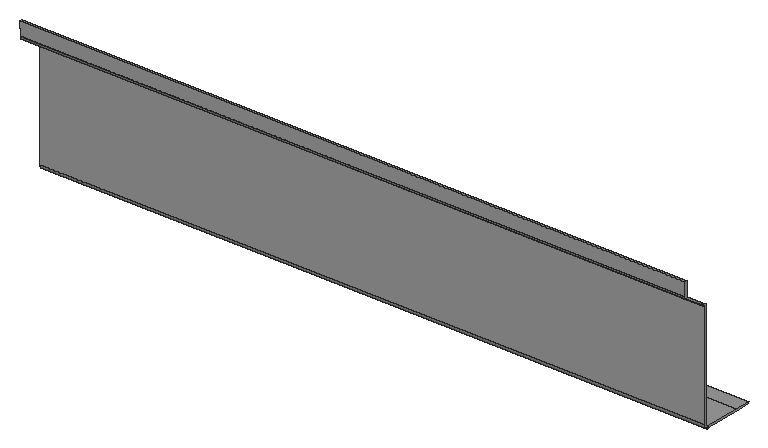
Revit family "TK 50", category Generic Models, Revit 2014
Parameters (values of type "Max lintel length 4800mm")
  URL = "http://www.keystonelintels.co.uk"
  Structural Opening [instance] = 900 mm
  Structural Performance = "The Keystone lintel range has safe working loads as detailed in each applicable loading table in the Keystone Lintel Guide brochure. The structural performance figures within each table have been ascertained by testing in accordance with the requirements of standards BS EN 5977-2: 1983 and BS EN 845-2: 2003."
  RIBA Productor Selector = "available for Keystone Lintels Ltd from Keystone Lintels Ltd from ribaproductselector.com"
  Model = "T/K 50"
  Min Length = 600 mm
  Min Clear Span = 300 mm
  Max Length = 4800 mm
  Max Clear Span = 4800 mm
  Material - Stainless Steel = "Grade 304 2b 1.4307 to BS EN 10088-2. Other grades available on request: contact manufacturer."
  Material - Galvanised Steel = "To BS EN 10346: 2009. DX51D plus Z600 or grade Z275 to BS 5977-2: 1983 (BS EN 845-2: 2003)."
  Manufacturer = "Keystone"
  Manufactured Length [instance] = (roundup(Effective Length / 150 mm) * 150 mm)  # 1200 mm
  Lintel height [instance] = 2100 mm
  Keynote = "F30/755"
  Fire Performance = "Keystone lintels have been subjected to a fire test (WARRES No. 101263) in accordance with BS 476-20: 1987, at Exova Warrington Fire and achieved a one hour fire performance."
  End Bearing = 150 mm
  Effective Length [instance] = Clear Opening with MIN MAX set + End Bearing * 2  # 1200 mm
  Corrosion = "Keystone’s standard range of lintels are manufactured from high quality grade pre-galvanized carbon steel with a zinc coating of 600"
  Contact Tel = "+44 (0)28 8676 2184"
  Contact Email = "info@keystonelintels.co.uk"
  Clear Opening with MIN MAX set [instance] = if(Structural Opening < Min Clear Span, Min Clear Span, (if(Structural Opening > Max Clear Span, Max Clear Span, Structural Opening)))  # 900 mm
  CPD Information = "Available for Keystone Lintels Ltd from ribacpd.com"
Reference planes
  plane 1 "Center (Front/Back)": y = 0
  plane 2: z = 0
  plane 3 "Center (Left/Right)": x = 0
  plane 4: x = -600
  plane 5: x = 600
  plane 6: z = 2100
  plane 7: x = -450
  plane 8: x = 450
Forms (mm)
  Extrusion 1, solid, material "Steel"
    sketch origin (0, 726.384, -447.24) x (0, 1, 0) y (0, 0, 1)
      loop
        line (-628.296, 2546.369) -> (-628.184, 2549.567) -> (-653.184, 2550.44) -> (-718.484, 2550.44)
        arc (-718.484, 2550.44) -> (-721.807, 2551.816) -> (-723.184, 2555.14) r 4.7
        line (-723.184, 2555.14) -> (-723.184, 2747.105)
        arc (-723.184, 2747.105) -> (-723.771, 2749.505) -> (-725.399, 2751.363) r 5.2
        line (-725.399, 2751.363) -> (-767.132, 2780.62)
        arc (-767.132, 2780.62) -> (-767.758, 2781.335) -> (-767.984, 2782.258) r 2
        line (-767.984, 2782.258) -> (-767.984, 2807.24) -> (-771.184, 2807.24) -> (-771.184, 2782.258)
        arc (-771.184, 2782.258) -> (-770.597, 2779.858) -> (-768.969, 2778) r 5.2
        line (-768.969, 2778) -> (-727.236, 2748.742)
        arc (-727.236, 2748.742) -> (-726.61, 2748.028) -> (-726.384, 2747.105) r 2
        line (-726.384, 2747.105) -> (-726.384, 2555.14)
        arc (-726.384, 2555.14) -> (-724.07, 2549.554) -> (-718.484, 2547.24) r 7.9
        line (-718.484, 2547.24) -> (-653.24, 2547.24) -> (-628.296, 2546.369)
    from -600 to 600
  Extrusion 2, solid, not visible
    sketch origin (0, 944.482, 1271.91) x (0, 1, 0) y (0, 0, 1)
      loop
        line (-628.296, 946.369) -> (-628.184, 949.567) -> (-653.184, 950.44) -> (-718.484, 950.44)
        arc (-718.484, 950.44) -> (-721.807, 951.816) -> (-723.184, 955.14) r 4.7
        line (-723.184, 955.14) -> (-723.184, 1147.105)
        arc (-723.184, 1147.105) -> (-723.771, 1149.505) -> (-725.399, 1151.363) r 5.2
        line (-725.399, 1151.363) -> (-767.132, 1180.62)
        arc (-767.132, 1180.62) -> (-767.758, 1181.335) -> (-767.984, 1182.258) r 2
        line (-767.984, 1182.258) -> (-767.984, 1207.24) -> (-771.184, 1207.24) -> (-771.184, 1182.258)
        arc (-771.184, 1182.258) -> (-770.597, 1179.858) -> (-768.969, 1178) r 5.2
        line (-768.969, 1178) -> (-727.236, 1148.742)
        arc (-727.236, 1148.742) -> (-726.61, 1148.028) -> (-726.384, 1147.105) r 2
        line (-726.384, 1147.105) -> (-726.384, 955.14)
        arc (-726.384, 955.14) -> (-724.07, 949.554) -> (-718.484, 947.24) r 7.9
        line (-718.484, 947.24) -> (-653.24, 947.24) -> (-628.296, 946.369)
    from 0 to 250
Dimensions and locks
  equal spacing: plane 4, plane 3 "Center (Left/Right)", plane 5
  "Manufactured Length": plane 4 to plane 5
  "Lintel height": plane 6 to level
  "Structural Opening": plane 7 to plane 8
  equal spacing: plane 7, plane 3 "Center (Left/Right)", plane 8
  aligned and locked: level to plane 2
  aligned and locked: Extrusion 1 to plane 6
  aligned and locked: plane 5 to Extrusion 1
  aligned and locked: Extrusion 1 to plane 4
Automatic sketch dimensions
  Extrusion 1 sketch curve to Extrusion 1 sketch curve = 24.944 mm
  Extrusion 1 sketch curve to Extrusion 1 sketch curve = 0.112 mm
  Extrusion 1 sketch curve to Extrusion 1 sketch curve = 0.871 mm
  Extrusion 1 sketch curve to Extrusion 1 sketch curve = 0.056 mm
  Extrusion 1 sketch curve to Extrusion 1 sketch curve = 65.244 mm
  Extrusion 1 sketch curve to Extrusion 1 sketch curve = 4.7 mm
  Extrusion 1 sketch curve to Extrusion 1 sketch curve = 191.965 mm
  Extrusion 1 sketch curve to Extrusion 1 sketch curve = 0 mm  (x12)
  Extrusion 1 sketch curve to Extrusion 1 sketch curve = 2 mm
  Extrusion 1 sketch curve to Extrusion 1 sketch curve = 0.852 mm
  Extrusion 1 sketch curve to Extrusion 1 sketch curve = 1.837 mm  (x2)
  Extrusion 1 sketch curve to Extrusion 1 sketch curve = 41.733 mm
  Extrusion 1 sketch curve to Extrusion 1 sketch curve = 29.257 mm
  Extrusion 1 sketch curve to Extrusion 1 sketch curve = 2.62 mm
  Extrusion 1 sketch curve to Extrusion 1 sketch curve = 1.148 mm
  Extrusion 1 sketch curve to Extrusion 1 sketch curve = 1.638 mm
  Extrusion 1 sketch curve to Extrusion 1 sketch curve = 24.982 mm
  Extrusion 2 sketch curve to Extrusion 2 sketch curve = 24.944 mm
  Extrusion 2 sketch curve to Extrusion 2 sketch curve = 0.112 mm
  Extrusion 2 sketch curve to Extrusion 2 sketch curve = 0.871 mm
  Extrusion 2 sketch curve to Extrusion 2 sketch curve = 0.056 mm
  Extrusion 2 sketch curve to Extrusion 2 sketch curve = 65.244 mm
  Extrusion 2 sketch curve to Extrusion 2 sketch curve = 4.7 mm
  Extrusion 2 sketch curve to Extrusion 2 sketch curve = 191.965 mm
  Extrusion 2 sketch curve to Extrusion 2 sketch curve = 0 mm  (x12)
  Extrusion 2 sketch curve to Extrusion 2 sketch curve = 2 mm
  Extrusion 2 sketch curve to Extrusion 2 sketch curve = 0.852 mm
  Extrusion 2 sketch curve to Extrusion 2 sketch curve = 1.837 mm  (x2)
  Extrusion 2 sketch curve to Extrusion 2 sketch curve = 41.733 mm
  Extrusion 2 sketch curve to Extrusion 2 sketch curve = 29.257 mm
  Extrusion 2 sketch curve to Extrusion 2 sketch curve = 2.62 mm
  Extrusion 2 sketch curve to Extrusion 2 sketch curve = 1.148 mm
  Extrusion 2 sketch curve to Extrusion 2 sketch curve = 1.638 mm
  Extrusion 2 sketch curve to Extrusion 2 sketch curve = 24.982 mm
  Extrusion 1 sketch curve to plane 1 "Center (Front/Back)" = 0 mm
  Extrusion 1 sketch curve to plane 6 = 0 mm
